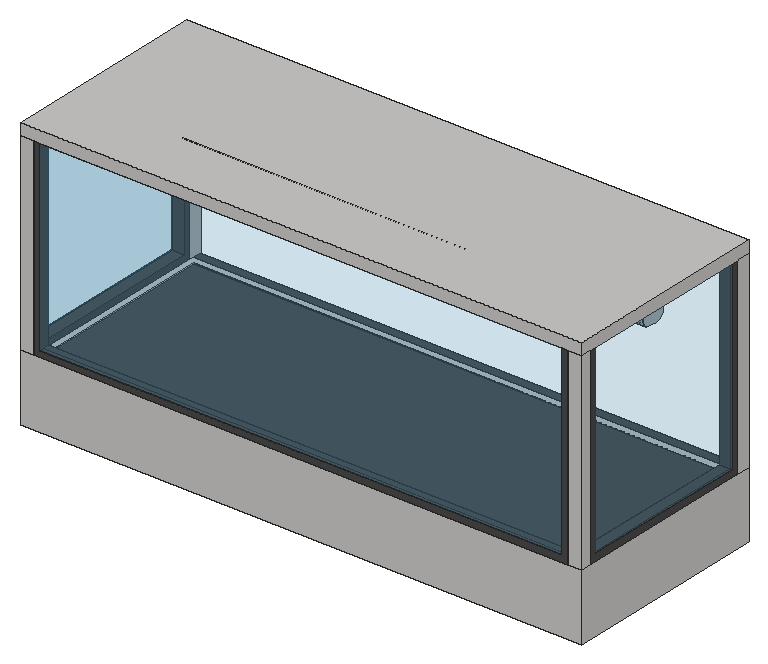
Revit family "QF_FESTIVE_DHD17", category Specialty Equipment, Revit 2020
Family settings
  Round Connector Dimension = Use Diameter
  Part Type = Normal
  Work Plane-Based = No
  Always vertical = Yes
  Cut with Voids When Loaded = No
  Shared = No
  Room Calculation Point = No
Parameters (values of type "DHD17")
  Weight in Pounds = 0
  Watts = if(Phase = 3, Volts * FL Amps * 1.73, Volts * FL Amps)  # 3322 W
  Volts = 220 V
  URL Cutsheet = ""
  Specification by User = ""
  Specification by Manufacturer = ""
  Serial Number = ""
  Seismic Rating = ""
  SMACNA No = ""
  Revision Code = ""
  Phase = 1
  Number of Poles = 1
  NAFEM Spec ID Number = ""
  Model = "DHD17"
  Min Ckt Ampacity = 0 A
  Max Overcurrent Protection = 0 A
  Masterspec = ""
  Manufacturer = "FESTIVE"
  Light Length [instance] = Length - 70 mm  # 1650 mm
  Length = 1720 mm
  Item Number = ""
  Installed By = ""
  Identify Quantity as Lot = yes
  Height = 830 mm
  HP = ""
  Furnished By = ""
  Foodservice Equipment Identifier = yes
  FL Amps = 15.1 A
  Electrical Remarks = ""
  Electric Connection Type = ""
  Elec Conn RI Height = 0 mm
  Elec Conn Connection Height = 0 mm
  Door Length [instance] = if(Length > 1069 mm, (Length / 2) - 80 mm, Length - 80 mm)  # 780 mm
  Description = "DEVON: HOT DECK"
  Depth = 640 mm
  Default Elevation = 0 mm
  Cycle = 50 Hz
  Conn Plug = ""
  Conn Conduit = yes
  Center Post Assembly [instance] = Length > 1069 mm  # yes
  CSI MasterFormat = ""
  Apparent Power = if(Phase = 3, Volts * FL Amps * 1.73, Volts * FL Amps)  # 3322 VA
Reference planes
  plane 1 "BACK": y = 0
  plane 2: z = 0
  plane 3 "LEFT": x = 0
  plane 4 "RIGHT": x = 1720
  plane 5 "FRONT": y = -640
  plane 6 "TOP": z = 830
  plane 7 "Center Y": x = 860
  plane 8 "Center X": y = -320
  plane 9: z = 205
Forms (mm)
  Extrusion 1, solid, material "QF_Metal - Stainless - Satin"
    sketch origin (0, 0, 0) x (0, 1, 0) y (0, 0, 1)
      loop
        line (0, 205) -> (-640, 205) -> (-640, 0) -> (0, 0) -> (0, 205)
    from 0 to 1720
  Extrusion 2, solid, material "QF_Metal - Stainless - Satin"
    sketch origin (0, 0, 0) x (0, 1, 0) y (0, 0, 1)
      loop
        line (0, 793) -> (0, 830) -> (-640, 830) -> (-640, 793) -> (0, 793)
    from 0 to 1720
  Extrusion 3, solid, material "QF_Metal - Stainless - Satin"
    sketch origin (0, 0, 0) x (0, 1, 0) y (0, 0, 1)
      loop
        line (0, 793) -> (-40.1, 793) -> (-40.1, 205) -> (0, 205) -> (0, 793)
    from 0 to 40.1
  Extrusion 4, solid, material "QF_Metal - Stainless - Satin"
    sketch origin (0, 0, 0) x (0, 1, 0) y (0, 0, 1)
      loop
        line (-608, 793) -> (-640, 793) -> (-640, 205) -> (-608, 205) -> (-608, 793)
    from 0 to 40.1
  Extrusion 5, solid, material "QF_Plastic - Black - Smooth"
    sketch origin (0, -640, 205) x (0, 0, -1) y (1, 0, 0)
      loop
        line (-588, 40.1) -> (0, 40.1) -> (0, 1679.9) -> (-588, 1679.9) -> (-588, 1659.9) -> (-20, 1659.9) -> (-20, 60.1) -> (-588, 60.1) -> (-588, 40.1)
    from 0 to -32
  Extrusion 6, solid, material "Glass"
    sketch origin (0, -640, 205) x (0, 0, -1) y (1, 0, 0)
      loop
        line (-588, 60.1) -> (-20, 60.1) -> (-20, 1659.9) -> (-588, 1659.9) -> (-588, 60.1)
    from 0 to -10
  Extrusion 7, solid, material "QF_Plastic - Black - Smooth"
    sketch origin (0, 0, 0) x (0, -1, 0) y (0, 0, 1)
      loop
        line (40.1, 793) -> (40.1, 205) -> (608, 205) -> (608, 793) -> (588, 793) -> (588, 225) -> (60.1, 225) -> (60.1, 793) -> (40.1, 793)
    from 0 to -40.1
  Extrusion 8, solid, material "QF_Plastic - Black - Smooth"
    sketch origin (1720, 0, 0) x (0, -1, 0) y (0, 0, 1)
      loop
        line (40.1, 793) -> (40.1, 205) -> (608, 205) -> (608, 793) -> (588, 793) -> (588, 225) -> (60.1, 225) -> (60.1, 793) -> (40.1, 793)
    from 0 to 39.9
  Extrusion 9, solid, material "Glass"
    sketch origin (1720, 0, 0) x (0, -1, 0) y (0, 0, 1)
      loop
        line (588, 793) -> (60.1, 793) -> (60.1, 225) -> (588, 225) -> (588, 793)
    from 0 to 5.1
  Extrusion 10, solid, material "Glass"
    sketch origin (0, 0, 0) x (0, 1, 0) y (0, 0, -1)
      loop
        line (-588, -793) -> (-60.1, -793) -> (-60.1, -225) -> (-588, -225) -> (-588, -793)
    from 0 to -5.1
  Extrusion 11, solid, material "QF_Metal - Stainless - Satin"
    sketch origin (0, -608, 205) x (1, 0, 0) y (0, -1, 0)
      loop
        line (40.1, -576) -> (1679.9, -576) -> (1679.9, 0) -> (40.1, 0) -> (40.1, -576)
      loop
        line (60.1, -556) -> (1659.9, -556) -> (1659.9, -20) -> (60.1, -20) -> (60.1, -556)
    from 0 to -2
  Extrusion 12, solid
    sketch origin (0, 0, 201.118) x (0, 0, 1) y (1, 0, 0)
      loop
        circle (-171.118, 56) r 10
    from 0 to 3.2
  Extrusion 13, solid, material "QF_Metal - Stainless - Satin"
    sketch origin (162.5, 0, 201.118) x (0, 0, 1) y (1, 0, 0)
      loop
        line (-78.018, 922.5) -> (-196.118, 922.5) -> (-196.118, 472.5) -> (-78.018, 472.5) -> (-78.018, 922.5)
      loop
        line (-135.768, 586.65) -> (-135.768, 660.65)
        arc (-135.768, 660.65) -> (-154.018, 664.14) -> (-172.268, 660.65) r 49.458
        line (-172.268, 660.65) -> (-172.268, 586.65)
        arc (-172.268, 586.65) -> (-154.018, 583.131) -> (-135.768, 586.65) r 49.084
    from 0 to 1.5
  Extrusion 14, solid
    sketch origin (141.25, 1.5, 201.118) x (0, 0, 1) y (1, 0, 0)
      loop
        line (-137.993, 589.375) -> (-169.993, 589.375) -> (-169.993, 575.375) -> (-137.993, 575.375) -> (-137.993, 589.375)
      loop
        line (-165.993, 586.375) -> (-165.993, 578.375) -> (-141.993, 578.375) -> (-141.993, 586.375) -> (-165.993, 586.375)
      loop
        line (-137.993, 558.95) -> (-169.993, 558.95) -> (-169.993, 544.95) -> (-137.993, 544.95) -> (-137.993, 558.95)
      loop
        line (-165.993, 555.95) -> (-165.993, 547.95) -> (-141.993, 547.95) -> (-141.993, 555.95) -> (-165.993, 555.95)
    from 0 to 1.5
  Extrusion 15, solid, material "QF_Plastic - Red - Smooth"
    sketch origin (719.625, 1.5, 59.125) x (0, 0, -1) y (0, 1, 0)
      loop
        line (0, 1.5) -> (24, 1.5) -> (24, 6.5)
        arc (24, 6.5) -> (12.085, 4.325) -> (0, 3.53) r 105.571
        line (0, 3.53) -> (0, 1.5)
    from 0 to 8
  Extrusion 16, solid, material "QF_Plastic - Black - Smooth"
    sketch origin (460.9, 1.5, 155.795) x (0, 0, 1) y (1, 0, 0)
      loop
        arc (-90.445, 362.25) -> (-108.695, 365.858) -> (-126.945, 362.25) r 47.955
        line (-126.945, 362.25) -> (-126.945, 288.25)
        arc (-126.945, 288.25) -> (-108.695, 284.642) -> (-90.445, 288.25) r 47.955
        line (-90.445, 288.25) -> (-90.445, 362.25)
    from 0 to 1.5
  Extrusion 17, solid, material "QF_Plastic - Red - Smooth"
    sketch origin (689.2, 1.5, 59.125) x (0, 0, -1) y (0, 1, 0)
      loop
        line (0, 1.5) -> (24, 1.5) -> (24, 6.5)
        arc (24, 6.5) -> (12.085, 4.325) -> (0, 3.53) r 105.571
        line (0, 3.53) -> (0, 1.5)
    from 0 to 8
  Extrusion 18, solid, material "QF_Metal - Stainless - Satin", not visible
    sketch origin (-325, 0, 201.118) x (0, 0, 1) y (1, 0, 0)
      loop
        line (-78.018, 922.5) -> (-196.118, 922.5) -> (-196.118, 472.5) -> (-78.018, 472.5) -> (-78.018, 922.5)
      loop
        line (-135.768, 586.65) -> (-135.768, 660.65)
        arc (-135.768, 660.65) -> (-154.018, 664.14) -> (-172.268, 660.65) r 49.458
        line (-172.268, 660.65) -> (-172.268, 586.65)
        arc (-172.268, 586.65) -> (-154.018, 583.131) -> (-135.768, 586.65) r 49.084
    from 0 to 1.5
  Extrusion 19, solid, not visible
    sketch origin (-346.25, 1.5, 201.118) x (0, 0, 1) y (1, 0, 0)
      loop
        line (-137.993, 589.375) -> (-169.993, 589.375) -> (-169.993, 575.375) -> (-137.993, 575.375) -> (-137.993, 589.375)
      loop
        line (-165.993, 586.375) -> (-165.993, 578.375) -> (-141.993, 578.375) -> (-141.993, 586.375) -> (-165.993, 586.375)
      loop
        line (-137.993, 558.95) -> (-169.993, 558.95) -> (-169.993, 544.95) -> (-137.993, 544.95) -> (-137.993, 558.95)
      loop
        line (-165.993, 555.95) -> (-165.993, 547.95) -> (-141.993, 547.95) -> (-141.993, 555.95) -> (-165.993, 555.95)
    from 0 to 1.5
  Extrusion 20, solid, material "QF_Plastic - Red - Smooth", not visible
    sketch origin (232.125, 1.5, 59.125) x (0, 0, -1) y (0, 1, 0)
      loop
        line (0, 1.5) -> (24, 1.5) -> (24, 6.5)
        arc (24, 6.5) -> (12.085, 4.325) -> (0, 3.53) r 105.571
        line (0, 3.53) -> (0, 1.5)
    from 0 to 8
  Extrusion 21, solid, material "QF_Plastic - Black - Smooth", not visible
    sketch origin (-26.6, 1.5, 155.795) x (0, 0, 1) y (1, 0, 0)
      loop
        arc (-90.445, 362.25) -> (-108.695, 365.858) -> (-126.945, 362.25) r 47.955
        line (-126.945, 362.25) -> (-126.945, 288.25)
        arc (-126.945, 288.25) -> (-108.695, 284.642) -> (-90.445, 288.25) r 47.955
        line (-90.445, 288.25) -> (-90.445, 362.25)
    from 0 to 1.5
  Extrusion 22, solid, material "QF_Plastic - Red - Smooth", not visible
    sketch origin (201.7, 1.5, 59.125) x (0, 0, -1) y (0, 1, 0)
      loop
        line (0, 1.5) -> (24, 1.5) -> (24, 6.5)
        arc (24, 6.5) -> (12.085, 4.325) -> (0, 3.53) r 105.571
        line (0, 3.53) -> (0, 1.5)
    from 0 to 8
  Extrusion 23, solid, material "QF_Metal - Stainless - Satin"
    sketch origin (1720, 0, 0) x (0, -1, 0) y (0, 0, 1)
      loop
        line (0, 793) -> (0, 205) -> (40.1, 205) -> (40.1, 793) -> (0, 793)
    from 0 to 39.9
  Extrusion 24, solid, material "QF_Metal - Stainless - Satin"
    sketch origin (1720, 0, 0) x (0, -1, 0) y (0, 0, 1)
      loop
        line (608, 793) -> (608, 205) -> (640, 205) -> (640, 793) -> (608, 793)
    from 0 to 39.9
Lines and regions (mm)
  Split face 1
    outline origin (460.9, 3, 155.795) x (0, 0, 1) y (1, 0, 0)
      loop
        arc (-93.945, 353.493) -> (-108.685, 356.848) -> (-123.425, 353.493) r 34.06
        line (-123.425, 353.493) -> (-123.425, 314) -> (-93.945, 314) -> (-93.945, 353.493)
  Split face 2, not visible
    outline origin (-26.6, 3, 155.795) x (0, 0, 1) y (1, 0, 0)
      loop
        arc (-93.945, 353.493) -> (-108.685, 356.848) -> (-123.425, 353.493) r 34.06
        line (-123.425, 353.493) -> (-123.425, 314) -> (-93.945, 314) -> (-93.945, 353.493)
  symbolic lines
    curve 1: line (0, 0, 0) -> (1720, 0, 0)
    curve 2: line (0, -640, 0) -> (0, 0, 0)
    curve 3: line (1720, -640, 0) -> (0, -640, 0)
    curve 4: line (1720, 0, 0) -> (1720, -640, 0)
Dimensions and locks
  equal spacing: plane 3 "LEFT", plane 7 "Center Y", plane 4 "RIGHT"
  "Length": plane 3 "LEFT" to plane 4 "RIGHT"
  equal spacing: plane 5 "FRONT", plane 8 "Center X", plane 1 "BACK"
  "Depth": plane 5 "FRONT" to plane 1 "BACK"
  "Height": plane 6 "TOP" to level
  plane 9 to plane 2 = 205 mm  (x2)
  plane 6 "TOP" to plane 9 = 625 mm  (x2)
  plane 1 "BACK" to plane 5 "FRONT" = 640 mm
  locked: Extrusion 13 to plane 7 "Center Y" at 225
  Extrusion 5 sketch curve to Extrusion 5 sketch curve to plane 4 "RIGHT" = 20 mm locked, 40.1 mm locked
  Extrusion 11 sketch curve to Extrusion 11 sketch curve to plane 4 "RIGHT" = 20 mm locked, 40.1 mm locked
  plane 3 "LEFT" to plane 4 "RIGHT" = 1720 mm
  locked: nested 1 to plane 3 "LEFT" at 35
  aligned and locked: level to plane 2
  aligned and locked: Extrusion 2 to plane 4 "RIGHT"
  aligned and locked: Extrusion 1 to plane 4 "RIGHT"
Automatic sketch dimensions
  Extrusion 13 sketch curve to Extrusion 13 sketch curve = 18.25 mm  (x2)
  Extrusion 13 sketch curve to Extrusion 13 sketch curve = 0 mm
  Extrusion 13 sketch curve to Extrusion 13 sketch curve = 28.032 mm
  Extrusion 13 sketch curve to Extrusion 13 sketch curve = 17.533 mm
  Extrusion 13 sketch curve to Extrusion 13 sketch curve = 28.435 mm
  Extrusion 13 to Extrusion 14 sketch curve = 2.275 mm  (x2)
  Extrusion 14 sketch curve to Extrusion 14 sketch curve = 4 mm  (x2)
  Extrusion 13 to Extrusion 14 sketch curve = 6.225 mm  (x2)
  Extrusion 13 to Extrusion 14 sketch curve = 2.225 mm  (x2)
  Extrusion 14 sketch curve to Extrusion 13 = 51.2 mm
  Extrusion 14 sketch curve to Extrusion 14 sketch curve = 3 mm  (x4)
  Extrusion 14 sketch curve to Extrusion 14 sketch curve = 8 mm  (x2)
  Extrusion 14 sketch curve to Extrusion 14 sketch curve = 16.425 mm
  Extrusion 14 to Extrusion 15 sketch curve = 0 mm  (x2)
  Extrusion 15 sketch curve to Extrusion 14 = 0 mm
  Extrusion 15 sketch curve to Extrusion 14 = 0.881 mm
  Extrusion 15 sketch curve to Extrusion 14 = 2.03 mm
  Extrusion 15 sketch curve to Extrusion 14 = 5 mm
  Extrusion 16 sketch curve to Extrusion 16 sketch curve = 18.25 mm  (x2)
  Extrusion 16 sketch curve to Extrusion 16 sketch curve = 0 mm
  Extrusion 16 sketch curve to Extrusion 16 sketch curve = 29.654 mm  (x2)
  Extrusion 16 sketch curve to Extrusion 16 sketch curve = 14.693 mm
  Split face 1 sketch curve to Extrusion 16 = 3.52 mm
  Split face 1 sketch curve to Split face 1 sketch curve = 14.74 mm
  Split face 1 sketch curve to Extrusion 16 = 3.5 mm
  Split face 1 sketch curve to Split face 1 sketch curve = 8.787 mm
  Split face 1 sketch curve to Split face 1 sketch curve = 30.706 mm
  Extrusion 17 sketch curve to Extrusion 17 sketch curve = 24 mm
  Extrusion 17 sketch curve to Extrusion 17 sketch curve = 2.03 mm
  Extrusion 17 sketch curve to Extrusion 17 sketch curve = 5 mm
  Extrusion 13 sketch curve to Extrusion 13 sketch curve = 23.85 mm
  Extrusion 13 sketch curve to Extrusion 13 sketch curve = 118.1 mm
  Extrusion 13 sketch curve to Extrusion 13 sketch curve = 114.15 mm
  Extrusion 13 sketch curve to Extrusion 13 sketch curve = 261.85 mm
  Extrusion 17 sketch curve to Extrusion 17 sketch curve = 0.881 mm
  Extrusion 18 sketch curve to Extrusion 18 sketch curve = 18.25 mm  (x2)
  Extrusion 18 sketch curve to Extrusion 18 sketch curve = 0 mm
  Extrusion 18 sketch curve to Extrusion 18 sketch curve = 28.032 mm
  Extrusion 18 sketch curve to Extrusion 18 sketch curve = 17.533 mm
  Extrusion 18 sketch curve to Extrusion 18 sketch curve = 28.435 mm
  Extrusion 18 to Extrusion 19 sketch curve = 2.275 mm  (x2)
  Extrusion 19 sketch curve to Extrusion 19 sketch curve = 4 mm  (x2)
  Extrusion 18 to Extrusion 19 sketch curve = 6.225 mm  (x2)
  Extrusion 18 to Extrusion 19 sketch curve = 2.225 mm  (x2)
  Extrusion 19 sketch curve to Extrusion 18 = 51.2 mm
  Extrusion 19 sketch curve to Extrusion 19 sketch curve = 3 mm  (x4)
  Extrusion 19 sketch curve to Extrusion 19 sketch curve = 8 mm  (x2)
  Extrusion 19 sketch curve to Extrusion 19 sketch curve = 16.425 mm
  Extrusion 19 to Extrusion 20 sketch curve = 0 mm  (x2)
  Extrusion 20 sketch curve to Extrusion 19 = 0 mm
  Extrusion 20 sketch curve to Extrusion 19 = 0.881 mm
  Extrusion 20 sketch curve to Extrusion 19 = 2.03 mm
  Extrusion 20 sketch curve to Extrusion 19 = 5 mm
  Extrusion 21 sketch curve to Extrusion 21 sketch curve = 18.25 mm  (x2)
  Extrusion 21 sketch curve to Extrusion 21 sketch curve = 0 mm
  Extrusion 21 sketch curve to Extrusion 21 sketch curve = 29.654 mm  (x2)
  Extrusion 21 sketch curve to Extrusion 21 sketch curve = 14.693 mm
  Split face 2 sketch curve to Extrusion 21 = 3.52 mm
  Split face 2 sketch curve to Split face 2 sketch curve = 14.74 mm
  Split face 2 sketch curve to Extrusion 21 = 3.5 mm
  Split face 2 sketch curve to Split face 2 sketch curve = 8.787 mm
  Split face 2 sketch curve to Split face 2 sketch curve = 30.706 mm
  Extrusion 22 sketch curve to Extrusion 22 sketch curve = 24 mm
  Extrusion 22 sketch curve to Extrusion 22 sketch curve = 2.03 mm
  Extrusion 22 sketch curve to Extrusion 22 sketch curve = 5 mm
  Extrusion 18 sketch curve to Extrusion 18 sketch curve = 23.85 mm
  Extrusion 18 sketch curve to Extrusion 18 sketch curve = 118.1 mm
  Extrusion 18 sketch curve to Extrusion 18 sketch curve = 114.15 mm
  Extrusion 18 sketch curve to Extrusion 18 sketch curve = 261.85 mm
  Extrusion 22 sketch curve to Extrusion 22 sketch curve = 0.881 mm
  curve 3 to plane 3 "LEFT" = 0 mm
  curve 3 to plane 4 "RIGHT" = 0 mm
  plane 5 "FRONT" to curve 3 = 0 mm
  plane 1 "BACK" to curve 2 = 0 mm
  Extrusion 1 sketch curve to plane 5 "FRONT" = 0 mm
  Extrusion 1 sketch curve to level = 0 mm
  Extrusion 1 sketch curve to plane 1 "BACK" = 0 mm
  Extrusion 1 sketch curve to plane 9 = 0 mm
  Extrusion 2 sketch curve to plane 5 "FRONT" = 0 mm
  Extrusion 2 sketch curve to plane 1 "BACK" = 0 mm
  Extrusion 2 sketch curve to plane 6 "TOP" = 0 mm
  Extrusion 2 sketch curve to plane 6 "TOP" = 37 mm
  Extrusion 3 sketch curve to plane 9 = 0 mm
  Extrusion 3 sketch curve to plane 1 "BACK" = 0 mm
  Extrusion 3 sketch curve to Extrusion 3 sketch curve = 40.1 mm
  Extrusion 3 sketch curve to plane 6 "TOP" = 37 mm
  Extrusion 4 sketch curve to plane 5 "FRONT" = 0 mm
  Extrusion 4 sketch curve to plane 9 = 0 mm
  Extrusion 4 sketch curve to plane 5 "FRONT" = 32 mm
  Extrusion 4 sketch curve to plane 6 "TOP" = 37 mm
  Extrusion 5 sketch curve to Extrusion 1 = 0 mm
  Extrusion 1 to Extrusion 5 sketch curve = 20 mm
  Extrusion 1 to Extrusion 5 sketch curve = 40.1 mm
  Extrusion 5 sketch curve to Extrusion 5 sketch curve = 568 mm  (x2)
  Extrusion 5 sketch curve to Extrusion 5 sketch curve = 20 mm
  Extrusion 1 to Extrusion 6 sketch curve = 60.1 mm  (x2)
  Extrusion 1 to Extrusion 6 sketch curve = 588 mm
  Extrusion 1 to Extrusion 6 sketch curve = 20 mm
  Extrusion 3 to Extrusion 7 sketch curve = 0 mm  (x3)
  Extrusion 7 sketch curve to Extrusion 3 = 0 mm
  Extrusion 3 to Extrusion 7 sketch curve = 20 mm
  Extrusion 7 sketch curve to Extrusion 3 = 20 mm
  Extrusion 7 sketch curve to Extrusion 7 sketch curve = 527.9 mm
  Extrusion 7 sketch curve to Extrusion 7 sketch curve = 20 mm
  Extrusion 8 sketch curve to plane 9 = 0 mm
  plane 1 "BACK" to Extrusion 8 sketch curve = 40.1 mm
  Extrusion 8 sketch curve to Extrusion 8 sketch curve = 20 mm  (x2)
  plane 9 to Extrusion 8 sketch curve = 20 mm
  Extrusion 8 sketch curve to plane 5 "FRONT" = 52 mm
  Extrusion 8 sketch curve to plane 6 "TOP" = 37 mm  (x2)
  plane 1 "BACK" to Extrusion 9 sketch curve = 60.1 mm
  plane 9 to Extrusion 9 sketch curve = 20 mm
  Extrusion 9 sketch curve to plane 5 "FRONT" = 52 mm
  Extrusion 9 sketch curve to plane 6 "TOP" = 37 mm
  plane 9 to Extrusion 10 sketch curve = 20 mm
  Extrusion 10 sketch curve to plane 5 "FRONT" = 52 mm
  plane 1 "BACK" to Extrusion 10 sketch curve = 60.1 mm
  Extrusion 10 sketch curve to plane 6 "TOP" = 37 mm
  Extrusion 11 sketch curve to Extrusion 7 = 0 mm  (x2)
  Extrusion 7 to Extrusion 11 sketch curve = 20 mm  (x2)
  Extrusion 11 sketch curve to Extrusion 7 = 11.9 mm
  Extrusion 7 to Extrusion 11 sketch curve = 8.1 mm
  level to Extrusion 12 sketch curve = 30 mm
  plane 3 "LEFT" to Extrusion 12 sketch curve = 56 mm
  Extrusion 23 sketch curve to plane 1 "BACK" = 0 mm
  Extrusion 23 sketch curve to plane 9 = 0 mm
  Extrusion 23 sketch curve to Extrusion 23 sketch curve = 40.1 mm
  Extrusion 23 sketch curve to plane 6 "TOP" = 37 mm
  Extrusion 24 sketch curve to plane 9 = 0 mm
  Extrusion 24 sketch curve to plane 5 "FRONT" = 0 mm
  Extrusion 24 sketch curve to plane 5 "FRONT" = 32 mm
  Extrusion 24 sketch curve to plane 6 "TOP" = 37 mm
  radius of Extrusion 12 sketch curve = 10 mm
Nested families
  nested 1: "LIGHTS" at (35, -282.344, 0), type "LIGHTS"
    with Length 1650 mm
Connectors
  electrical at (56, 3.2, 30), driven by "Volts", driven by "Watts"
    settings: on Extrusion 12, index 1, voltage 220 V, apparent load 3322 VA, apparent load phase1 0 VA, apparent load phase2 0 VA, apparent load phase3 0 VA, power factor 1, load classification "Other", number of poles 1, system type 30, power factor state 1, is connector primary yes, connector utility no, sub classification motor no, connector description "ELECTRICAL CONNECTION"
Definition of nested family "LIGHTS"
  Parameters (values of type "LIGHTS")
    Weight in Pounds = 0
    Watts = if(Phase = 3, Volts * FL Amps * 1.73, Volts * FL Amps)  # 1078 W
    Volts = 220 V
    URL Cutsheet = ""
    Specification by User = ""
    Specification by Manufacturer = ""
    Serial Number = ""
    Seismic Rating = ""
    SMACNA No = ""
    Revision Code = ""
    Phase = 1
    Number of Poles = 1
    NAFEM Spec ID Number = ""
    Model = "DHD7"
    Min Ckt Ampacity = 0 A
    Max Overcurrent Protection = 0 A
    Masterspec = ""
    Manufacturer = "FESTIVE"
    Length = 675 mm
    Item Number = ""
    Installed By = ""
    Identify Quantity as Lot = yes
    Height = 830 mm
    HP = ""
    Furnished By = ""
    Foodservice Equipment Identifier = yes
    FL Amps = 4.9 A  # constant formula
    Electrical Remarks = ""
    Electric Connection Type = ""
    Elec Conn RI Height = 0 mm
    Elec Conn Connection Height = 0 mm
    Description = "DEVON: HOT DECK"
    Depth = 75.193 mm
    Default Elevation = 0 mm
    Cycle = 50 Hz
    Conn Plug = ""
    Conn Conduit = yes
    CSI MasterFormat = ""
    Apparent Power = if(Phase = 3, Volts * FL Amps * 1.73, Volts * FL Amps)  # 1078 VA
  Reference planes
    plane 1 "BACK": y = 0
    plane 2: z = 0
    plane 3 "LEFT": x = 0
    plane 4 "RIGHT": x = 675
    plane 5 "FRONT": y = -75.193
    plane 6 "TOP": z = 830
    plane 7 "Center Y": x = 337.5
    plane 8 "Center X": y = -37.596
    plane 9: z = 205
    plane 10: x = 464.5
    plane 11: x = 210.5
  Forms (mm)
    Extrusion 1, solid
      sketch origin (-60.1, 282.404, 0) x (0, 1, 0) y (0, 0, 1)
        loop
          arc (-295, 792.076) -> (-295.856, 794.144) -> (-297.924, 795) r 2.924
          line (-297.924, 795) -> (-342.076, 795)
          arc (-342.076, 795) -> (-344.144, 794.144) -> (-345, 792.076) r 2.924
          line (-345, 792.076) -> (-345, 776.085)
          arc (-345, 776.085) -> (-357.596, 753.232) -> (-345, 730.378) r 27.029
          arc (-345, 730.378) -> (-320, 727.581) -> (-295, 730.378) r 113.108
          arc (-295, 730.378) -> (-282.404, 753.232) -> (-295, 776.085) r 27.029
          line (-295, 776.085) -> (-295, 792.076)
        loop
          arc (-298.5, 786) -> (-298.793, 786.707) -> (-299.5, 787) r 1
          line (-299.5, 787) -> (-301.5, 787)
          arc (-301.5, 787) -> (-302.207, 786.707) -> (-302.5, 786) r 1
          line (-302.5, 786) -> (-302.5, 774)
          arc (-302.5, 774) -> (-302.207, 773.293) -> (-301.5, 773) r 1
          line (-301.5, 773) -> (-299.5, 773)
          arc (-299.5, 773) -> (-298.793, 773.293) -> (-298.5, 774) r 1
          line (-298.5, 774) -> (-298.5, 786)
        loop
          arc (-305, 786) -> (-305.293, 786.707) -> (-306, 787) r 1
          line (-306, 787) -> (-308, 787)
          arc (-308, 787) -> (-308.707, 786.707) -> (-309, 786) r 1
          line (-309, 786) -> (-309, 774)
          arc (-309, 774) -> (-308.707, 773.293) -> (-308, 773) r 1
          line (-308, 773) -> (-306, 773)
          arc (-306, 773) -> (-305.293, 773.293) -> (-305, 774) r 1
          line (-305, 774) -> (-305, 786)
        loop
          arc (-311.5, 786) -> (-311.793, 786.707) -> (-312.5, 787) r 1
          line (-312.5, 787) -> (-314.5, 787)
          arc (-314.5, 787) -> (-315.207, 786.707) -> (-315.5, 786) r 1
          line (-315.5, 786) -> (-315.5, 774)
          arc (-315.5, 774) -> (-315.207, 773.293) -> (-314.5, 773) r 1
          line (-314.5, 773) -> (-312.5, 773)
          arc (-312.5, 773) -> (-311.793, 773.293) -> (-311.5, 774) r 1
          line (-311.5, 774) -> (-311.5, 786)
        loop
          arc (-318, 786) -> (-318.293, 786.707) -> (-319, 787) r 1
          line (-319, 787) -> (-321, 787)
          arc (-321, 787) -> (-321.707, 786.707) -> (-322, 786) r 1
          line (-322, 786) -> (-322, 774)
          arc (-322, 774) -> (-321.707, 773.293) -> (-321, 773) r 1
          line (-321, 773) -> (-319, 773)
          arc (-319, 773) -> (-318.293, 773.293) -> (-318, 774) r 1
          line (-318, 774) -> (-318, 786)
        loop
          arc (-324.5, 786) -> (-324.793, 786.707) -> (-325.5, 787) r 1
          line (-325.5, 787) -> (-327.5, 787)
          arc (-327.5, 787) -> (-328.207, 786.707) -> (-328.5, 786) r 1
          line (-328.5, 786) -> (-328.5, 774)
          arc (-328.5, 774) -> (-328.207, 773.293) -> (-327.5, 773) r 1
          line (-327.5, 773) -> (-325.5, 773)
          arc (-325.5, 773) -> (-324.793, 773.293) -> (-324.5, 774) r 1
          line (-324.5, 774) -> (-324.5, 786)
        loop
          arc (-331, 786) -> (-331.293, 786.707) -> (-332, 787) r 1
          line (-332, 787) -> (-334, 787)
          arc (-334, 787) -> (-334.707, 786.707) -> (-335, 786) r 1
          line (-335, 786) -> (-335, 774)
          arc (-335, 774) -> (-334.707, 773.293) -> (-334, 773) r 1
          line (-334, 773) -> (-332, 773)
          arc (-332, 773) -> (-331.293, 773.293) -> (-331, 774) r 1
          line (-331, 774) -> (-331, 786)
        loop
          arc (-337.5, 786) -> (-337.793, 786.707) -> (-338.5, 787) r 1
          line (-338.5, 787) -> (-340.5, 787)
          arc (-340.5, 787) -> (-341.207, 786.707) -> (-341.5, 786) r 1
          line (-341.5, 786) -> (-341.5, 774)
          arc (-341.5, 774) -> (-341.207, 773.293) -> (-340.5, 773) r 1
          line (-340.5, 773) -> (-338.5, 773)
          arc (-338.5, 773) -> (-337.793, 773.293) -> (-337.5, 774) r 1
          line (-337.5, 774) -> (-337.5, 786)
      from 60.1 to 62
    Extrusion 2, solid
      sketch origin (1.9, 282.404, 0) x (0, 1, 0) y (0, 0, 1)
        loop
          arc (-295, 792.076) -> (-295.856, 794.144) -> (-297.924, 795) r 2.924
          line (-297.924, 795) -> (-342.076, 795)
          arc (-342.076, 795) -> (-344.144, 794.144) -> (-345, 792.076) r 2.924
          line (-345, 792.076) -> (-345, 776.085)
          arc (-345, 776.085) -> (-357.596, 753.232) -> (-345, 730.378) r 27.029
          line (-345, 730.378) -> (-344.466, 731.224)
          arc (-344.466, 731.224) -> (-356.596, 753.232) -> (-344.466, 775.239) r 26.029
          line (-344.466, 775.239) -> (-295.534, 775.239)
          arc (-295.534, 775.239) -> (-283.404, 753.232) -> (-295.534, 731.224) r 26.029
          line (-295.534, 731.224) -> (-295, 730.378)
          arc (-295, 730.378) -> (-282.404, 753.232) -> (-295, 776.085) r 27.029
          line (-295, 776.085) -> (-295, 792.076)
      from 0 to 671.1
    Extrusion 3, solid
      sketch origin (1.9, 282.404, 0) x (0, 1, 0) y (0, 0, 1)
        loop
          line (-295.534, 775.239) -> (-344.466, 775.239)
          arc (-344.466, 775.239) -> (-356.596, 753.232) -> (-344.466, 731.224) r 26.029
          line (-344.466, 731.224) -> (-295.534, 731.224)
          arc (-295.534, 731.224) -> (-283.404, 753.232) -> (-295.534, 775.239) r 26.029
      from 0 to 208.6
    Extrusion 4, solid
      sketch origin (286.9, 282.404, 0) x (0, 1, 0) y (0, 0, 1)
        loop
          line (-295.534, 775.239) -> (-344.466, 775.239)
          arc (-344.466, 775.239) -> (-356.596, 753.232) -> (-344.466, 731.224) r 26.029
          line (-344.466, 731.224) -> (-295.534, 731.224)
          arc (-295.534, 731.224) -> (-283.404, 753.232) -> (-295.534, 775.239) r 26.029
      from 177.6 to 386.1
    Extrusion 5, solid
      sketch origin (431.4, 282.404, 0) x (0, 1, 0) y (0, 0, 1)
        loop
          circle (-320.06, 740.619) r 8.038
      from -220.9 to 33.1
    Extrusion 6, solid, not visible
      sketch origin (-325, 0, 201.118) x (0, 0, 1) y (1, 0, 0)
        loop
          line (-78.018, 922.5) -> (-196.118, 922.5) -> (-196.118, 472.5) -> (-78.018, 472.5) -> (-78.018, 922.5)
        loop
          line (-135.768, 586.65) -> (-135.768, 660.65)
          arc (-135.768, 660.65) -> (-154.018, 664.14) -> (-172.268, 660.65) r 49.458
          line (-172.268, 660.65) -> (-172.268, 586.65)
          arc (-172.268, 586.65) -> (-154.018, 583.131) -> (-135.768, 586.65) r 49.084
      from 0 to 1.5
    Extrusion 7, solid, not visible
      sketch origin (-346.25, 1.5, 201.118) x (0, 0, 1) y (1, 0, 0)
        loop
          line (-137.993, 589.375) -> (-169.993, 589.375) -> (-169.993, 575.375) -> (-137.993, 575.375) -> (-137.993, 589.375)
        loop
          line (-165.993, 586.375) -> (-165.993, 578.375) -> (-141.993, 578.375) -> (-141.993, 586.375) -> (-165.993, 586.375)
        loop
          line (-137.993, 558.95) -> (-169.993, 558.95) -> (-169.993, 544.95) -> (-137.993, 544.95) -> (-137.993, 558.95)
        loop
          line (-165.993, 555.95) -> (-165.993, 547.95) -> (-141.993, 547.95) -> (-141.993, 555.95) -> (-165.993, 555.95)
      from 0 to 1.5
    Extrusion 8, solid, not visible
      sketch origin (232.125, 1.5, 59.125) x (0, 0, -1) y (0, 1, 0)
        loop
          line (0, 1.5) -> (24, 1.5) -> (24, 6.5)
          arc (24, 6.5) -> (12.085, 4.325) -> (0, 3.53) r 105.571
          line (0, 3.53) -> (0, 1.5)
      from 0 to 8
    Extrusion 9, solid, not visible
      sketch origin (-26.6, 1.5, 155.795) x (0, 0, 1) y (1, 0, 0)
        loop
          arc (-90.445, 362.25) -> (-108.695, 365.858) -> (-126.945, 362.25) r 47.955
          line (-126.945, 362.25) -> (-126.945, 288.25)
          arc (-126.945, 288.25) -> (-108.695, 284.642) -> (-90.445, 288.25) r 47.955
          line (-90.445, 288.25) -> (-90.445, 362.25)
      from 0 to 1.5
    Extrusion 10, solid, not visible
      sketch origin (201.7, 1.5, 59.125) x (0, 0, -1) y (0, 1, 0)
        loop
          line (0, 1.5) -> (24, 1.5) -> (24, 6.5)
          arc (24, 6.5) -> (12.085, 4.325) -> (0, 3.53) r 105.571
          line (0, 3.53) -> (0, 1.5)
      from 0 to 8
    Extrusion 11, solid, not visible
      sketch origin (1070, 0, 0) x (0, 1, 0) y (0, 0, -1)
        loop
          line (-295, -792.076) -> (-295, -776.085)
          arc (-295, -776.085) -> (-282.404, -753.232) -> (-295, -730.378) r 27.029
          arc (-295, -730.378) -> (-320, -727.581) -> (-345, -730.378) r 113.108
          arc (-345, -730.378) -> (-357.596, -753.232) -> (-345, -776.085) r 27.029
          line (-345, -776.085) -> (-345, -792.076)
          arc (-345, -792.076) -> (-344.144, -794.144) -> (-342.076, -795) r 2.924
          line (-342.076, -795) -> (-297.924, -795)
          arc (-297.924, -795) -> (-295.856, -794.144) -> (-295, -792.076) r 2.924
        loop
          line (-298.5, -786) -> (-298.5, -774)
          arc (-298.5, -774) -> (-298.793, -773.293) -> (-299.5, -773) r 1
          line (-299.5, -773) -> (-301.5, -773)
          arc (-301.5, -773) -> (-302.207, -773.293) -> (-302.5, -774) r 1
          line (-302.5, -774) -> (-302.5, -786)
          arc (-302.5, -786) -> (-302.207, -786.707) -> (-301.5, -787) r 1
          line (-301.5, -787) -> (-299.5, -787)
          arc (-299.5, -787) -> (-298.793, -786.707) -> (-298.5, -786) r 1
        loop
          line (-305, -786) -> (-305, -774)
          arc (-305, -774) -> (-305.293, -773.293) -> (-306, -773) r 1
          line (-306, -773) -> (-308, -773)
          arc (-308, -773) -> (-308.707, -773.293) -> (-309, -774) r 1
          line (-309, -774) -> (-309, -786)
          arc (-309, -786) -> (-308.707, -786.707) -> (-308, -787) r 1
          line (-308, -787) -> (-306, -787)
          arc (-306, -787) -> (-305.293, -786.707) -> (-305, -786) r 1
        loop
          line (-311.5, -786) -> (-311.5, -774)
          arc (-311.5, -774) -> (-311.793, -773.293) -> (-312.5, -773) r 1
          line (-312.5, -773) -> (-314.5, -773)
          arc (-314.5, -773) -> (-315.207, -773.293) -> (-315.5, -774) r 1
          line (-315.5, -774) -> (-315.5, -786)
          arc (-315.5, -786) -> (-315.207, -786.707) -> (-314.5, -787) r 1
          line (-314.5, -787) -> (-312.5, -787)
          arc (-312.5, -787) -> (-311.793, -786.707) -> (-311.5, -786) r 1
        loop
          line (-318, -786) -> (-318, -774)
          arc (-318, -774) -> (-318.293, -773.293) -> (-319, -773) r 1
          line (-319, -773) -> (-321, -773)
          arc (-321, -773) -> (-321.707, -773.293) -> (-322, -774) r 1
          line (-322, -774) -> (-322, -786)
          arc (-322, -786) -> (-321.707, -786.707) -> (-321, -787) r 1
          line (-321, -787) -> (-319, -787)
          arc (-319, -787) -> (-318.293, -786.707) -> (-318, -786) r 1
        loop
          line (-324.5, -786) -> (-324.5, -774)
          arc (-324.5, -774) -> (-324.793, -773.293) -> (-325.5, -773) r 1
          line (-325.5, -773) -> (-327.5, -773)
          arc (-327.5, -773) -> (-328.207, -773.293) -> (-328.5, -774) r 1
          line (-328.5, -774) -> (-328.5, -786)
          arc (-328.5, -786) -> (-328.207, -786.707) -> (-327.5, -787) r 1
          line (-327.5, -787) -> (-325.5, -787)
          arc (-325.5, -787) -> (-324.793, -786.707) -> (-324.5, -786) r 1
        loop
          line (-331, -786) -> (-331, -774)
          arc (-331, -774) -> (-331.293, -773.293) -> (-332, -773) r 1
          line (-332, -773) -> (-334, -773)
          arc (-334, -773) -> (-334.707, -773.293) -> (-335, -774) r 1
          line (-335, -774) -> (-335, -786)
          arc (-335, -786) -> (-334.707, -786.707) -> (-334, -787) r 1
          line (-334, -787) -> (-332, -787)
          arc (-332, -787) -> (-331.293, -786.707) -> (-331, -786) r 1
        loop
          line (-337.5, -786) -> (-337.5, -774)
          arc (-337.5, -774) -> (-337.793, -773.293) -> (-338.5, -773) r 1
          line (-338.5, -773) -> (-340.5, -773)
          arc (-340.5, -773) -> (-341.207, -773.293) -> (-341.5, -774) r 1
          line (-341.5, -774) -> (-341.5, -786)
          arc (-341.5, -786) -> (-341.207, -786.707) -> (-340.5, -787) r 1
          line (-340.5, -787) -> (-338.5, -787)
          arc (-338.5, -787) -> (-337.793, -786.707) -> (-337.5, -786) r 1
      from 360 to 362
    Extrusion 12, solid, not visible
      sketch origin (-25.1, 0, 0) x (0, 1, 0) y (0, 0, 1)
        loop
          arc (-295, 792.076) -> (-295.856, 794.144) -> (-297.924, 795) r 2.924
          line (-297.924, 795) -> (-342.076, 795)
          arc (-342.076, 795) -> (-344.144, 794.144) -> (-345, 792.076) r 2.924
          line (-345, 792.076) -> (-345, 776.085)
          arc (-345, 776.085) -> (-357.596, 753.232) -> (-345, 730.378) r 27.029
          arc (-345, 730.378) -> (-320, 727.581) -> (-295, 730.378) r 113.108
          arc (-295, 730.378) -> (-282.404, 753.232) -> (-295, 776.085) r 27.029
          line (-295, 776.085) -> (-295, 792.076)
        loop
          arc (-298.5, 786) -> (-298.793, 786.707) -> (-299.5, 787) r 1
          line (-299.5, 787) -> (-301.5, 787)
          arc (-301.5, 787) -> (-302.207, 786.707) -> (-302.5, 786) r 1
          line (-302.5, 786) -> (-302.5, 774)
          arc (-302.5, 774) -> (-302.207, 773.293) -> (-301.5, 773) r 1
          line (-301.5, 773) -> (-299.5, 773)
          arc (-299.5, 773) -> (-298.793, 773.293) -> (-298.5, 774) r 1
          line (-298.5, 774) -> (-298.5, 786)
        loop
          arc (-305, 786) -> (-305.293, 786.707) -> (-306, 787) r 1
          line (-306, 787) -> (-308, 787)
          arc (-308, 787) -> (-308.707, 786.707) -> (-309, 786) r 1
          line (-309, 786) -> (-309, 774)
          arc (-309, 774) -> (-308.707, 773.293) -> (-308, 773) r 1
          line (-308, 773) -> (-306, 773)
          arc (-306, 773) -> (-305.293, 773.293) -> (-305, 774) r 1
          line (-305, 774) -> (-305, 786)
        loop
          arc (-311.5, 786) -> (-311.793, 786.707) -> (-312.5, 787) r 1
          line (-312.5, 787) -> (-314.5, 787)
          arc (-314.5, 787) -> (-315.207, 786.707) -> (-315.5, 786) r 1
          line (-315.5, 786) -> (-315.5, 774)
          arc (-315.5, 774) -> (-315.207, 773.293) -> (-314.5, 773) r 1
          line (-314.5, 773) -> (-312.5, 773)
          arc (-312.5, 773) -> (-311.793, 773.293) -> (-311.5, 774) r 1
          line (-311.5, 774) -> (-311.5, 786)
        loop
          arc (-318, 786) -> (-318.293, 786.707) -> (-319, 787) r 1
          line (-319, 787) -> (-321, 787)
          arc (-321, 787) -> (-321.707, 786.707) -> (-322, 786) r 1
          line (-322, 786) -> (-322, 774)
          arc (-322, 774) -> (-321.707, 773.293) -> (-321, 773) r 1
          line (-321, 773) -> (-319, 773)
          arc (-319, 773) -> (-318.293, 773.293) -> (-318, 774) r 1
          line (-318, 774) -> (-318, 786)
        loop
          arc (-324.5, 786) -> (-324.793, 786.707) -> (-325.5, 787) r 1
          line (-325.5, 787) -> (-327.5, 787)
          arc (-327.5, 787) -> (-328.207, 786.707) -> (-328.5, 786) r 1
          line (-328.5, 786) -> (-328.5, 774)
          arc (-328.5, 774) -> (-328.207, 773.293) -> (-327.5, 773) r 1
          line (-327.5, 773) -> (-325.5, 773)
          arc (-325.5, 773) -> (-324.793, 773.293) -> (-324.5, 774) r 1
          line (-324.5, 774) -> (-324.5, 786)
        loop
          arc (-331, 786) -> (-331.293, 786.707) -> (-332, 787) r 1
          line (-332, 787) -> (-334, 787)
          arc (-334, 787) -> (-334.707, 786.707) -> (-335, 786) r 1
          line (-335, 786) -> (-335, 774)
          arc (-335, 774) -> (-334.707, 773.293) -> (-334, 773) r 1
          line (-334, 773) -> (-332, 773)
          arc (-332, 773) -> (-331.293, 773.293) -> (-331, 774) r 1
          line (-331, 774) -> (-331, 786)
        loop
          arc (-337.5, 786) -> (-337.793, 786.707) -> (-338.5, 787) r 1
          line (-338.5, 787) -> (-340.5, 787)
          arc (-340.5, 787) -> (-341.207, 786.707) -> (-341.5, 786) r 1
          line (-341.5, 786) -> (-341.5, 774)
          arc (-341.5, 774) -> (-341.207, 773.293) -> (-340.5, 773) r 1
          line (-340.5, 773) -> (-338.5, 773)
          arc (-338.5, 773) -> (-337.793, 773.293) -> (-337.5, 774) r 1
          line (-337.5, 774) -> (-337.5, 786)
      from 60.1 to 62
    Extrusion 13, solid, not visible
      sketch origin (36.9, 0, 0) x (0, 1, 0) y (0, 0, 1)
        loop
          arc (-295, 792.076) -> (-295.856, 794.144) -> (-297.924, 795) r 2.924
          line (-297.924, 795) -> (-342.076, 795)
          arc (-342.076, 795) -> (-344.144, 794.144) -> (-345, 792.076) r 2.924
          line (-345, 792.076) -> (-345, 776.085)
          arc (-345, 776.085) -> (-357.596, 753.232) -> (-345, 730.378) r 27.029
          line (-345, 730.378) -> (-344.466, 731.224)
          arc (-344.466, 731.224) -> (-356.596, 753.232) -> (-344.466, 775.239) r 26.029
          line (-344.466, 775.239) -> (-295.534, 775.239)
          arc (-295.534, 775.239) -> (-283.404, 753.232) -> (-295.534, 731.224) r 26.029
          line (-295.534, 731.224) -> (-295, 730.378)
          arc (-295, 730.378) -> (-282.404, 753.232) -> (-295, 776.085) r 27.029
          line (-295, 776.085) -> (-295, 792.076)
      from 0 to 671.1
    Extrusion 14, solid, not visible
      sketch origin (1070, 0, 0) x (0, 1, 0) y (0, 0, -1)
        loop
          line (-295, -792.076) -> (-295, -776.085)
          arc (-295, -776.085) -> (-282.404, -753.232) -> (-295, -730.378) r 27.029
          arc (-295, -730.378) -> (-320, -727.581) -> (-345, -730.378) r 113.108
          arc (-345, -730.378) -> (-357.596, -753.232) -> (-345, -776.085) r 27.029
          line (-345, -776.085) -> (-345, -792.076)
          arc (-345, -792.076) -> (-344.144, -794.144) -> (-342.076, -795) r 2.924
          line (-342.076, -795) -> (-297.924, -795)
          arc (-297.924, -795) -> (-295.856, -794.144) -> (-295, -792.076) r 2.924
        loop
          line (-298.5, -786) -> (-298.5, -774)
          arc (-298.5, -774) -> (-298.793, -773.293) -> (-299.5, -773) r 1
          line (-299.5, -773) -> (-301.5, -773)
          arc (-301.5, -773) -> (-302.207, -773.293) -> (-302.5, -774) r 1
          line (-302.5, -774) -> (-302.5, -786)
          arc (-302.5, -786) -> (-302.207, -786.707) -> (-301.5, -787) r 1
          line (-301.5, -787) -> (-299.5, -787)
          arc (-299.5, -787) -> (-298.793, -786.707) -> (-298.5, -786) r 1
        loop
          line (-305, -786) -> (-305, -774)
          arc (-305, -774) -> (-305.293, -773.293) -> (-306, -773) r 1
          line (-306, -773) -> (-308, -773)
          arc (-308, -773) -> (-308.707, -773.293) -> (-309, -774) r 1
          line (-309, -774) -> (-309, -786)
          arc (-309, -786) -> (-308.707, -786.707) -> (-308, -787) r 1
          line (-308, -787) -> (-306, -787)
          arc (-306, -787) -> (-305.293, -786.707) -> (-305, -786) r 1
        loop
          line (-311.5, -786) -> (-311.5, -774)
          arc (-311.5, -774) -> (-311.793, -773.293) -> (-312.5, -773) r 1
          line (-312.5, -773) -> (-314.5, -773)
          arc (-314.5, -773) -> (-315.207, -773.293) -> (-315.5, -774) r 1
          line (-315.5, -774) -> (-315.5, -786)
          arc (-315.5, -786) -> (-315.207, -786.707) -> (-314.5, -787) r 1
          line (-314.5, -787) -> (-312.5, -787)
          arc (-312.5, -787) -> (-311.793, -786.707) -> (-311.5, -786) r 1
        loop
          line (-318, -786) -> (-318, -774)
          arc (-318, -774) -> (-318.293, -773.293) -> (-319, -773) r 1
          line (-319, -773) -> (-321, -773)
          arc (-321, -773) -> (-321.707, -773.293) -> (-322, -774) r 1
          line (-322, -774) -> (-322, -786)
          arc (-322, -786) -> (-321.707, -786.707) -> (-321, -787) r 1
          line (-321, -787) -> (-319, -787)
          arc (-319, -787) -> (-318.293, -786.707) -> (-318, -786) r 1
        loop
          line (-324.5, -786) -> (-324.5, -774)
          arc (-324.5, -774) -> (-324.793, -773.293) -> (-325.5, -773) r 1
          line (-325.5, -773) -> (-327.5, -773)
          arc (-327.5, -773) -> (-328.207, -773.293) -> (-328.5, -774) r 1
          line (-328.5, -774) -> (-328.5, -786)
          arc (-328.5, -786) -> (-328.207, -786.707) -> (-327.5, -787) r 1
          line (-327.5, -787) -> (-325.5, -787)
          arc (-325.5, -787) -> (-324.793, -786.707) -> (-324.5, -786) r 1
        loop
          line (-331, -786) -> (-331, -774)
          arc (-331, -774) -> (-331.293, -773.293) -> (-332, -773) r 1
          line (-332, -773) -> (-334, -773)
          arc (-334, -773) -> (-334.707, -773.293) -> (-335, -774) r 1
          line (-335, -774) -> (-335, -786)
          arc (-335, -786) -> (-334.707, -786.707) -> (-334, -787) r 1
          line (-334, -787) -> (-332, -787)
          arc (-332, -787) -> (-331.293, -786.707) -> (-331, -786) r 1
        loop
          line (-337.5, -786) -> (-337.5, -774)
          arc (-337.5, -774) -> (-337.793, -773.293) -> (-338.5, -773) r 1
          line (-338.5, -773) -> (-340.5, -773)
          arc (-340.5, -773) -> (-341.207, -773.293) -> (-341.5, -774) r 1
          line (-341.5, -774) -> (-341.5, -786)
          arc (-341.5, -786) -> (-341.207, -786.707) -> (-340.5, -787) r 1
          line (-340.5, -787) -> (-338.5, -787)
          arc (-338.5, -787) -> (-337.793, -786.707) -> (-337.5, -786) r 1
      from 360 to 362
    Extrusion 15, solid, not visible
      sketch origin (36.9, 0, 0) x (0, 1, 0) y (0, 0, 1)
        loop
          line (-295.534, 775.239) -> (-344.466, 775.239)
          arc (-344.466, 775.239) -> (-356.596, 753.232) -> (-344.466, 731.224) r 26.029
          line (-344.466, 731.224) -> (-295.534, 731.224)
          arc (-295.534, 731.224) -> (-283.404, 753.232) -> (-295.534, 775.239) r 26.029
      from 0 to 208.6
    Extrusion 16, solid, not visible
      sketch origin (321.9, 0, 0) x (0, 1, 0) y (0, 0, 1)
        loop
          line (-295.534, 775.239) -> (-344.466, 775.239)
          arc (-344.466, 775.239) -> (-356.596, 753.232) -> (-344.466, 731.224) r 26.029
          line (-344.466, 731.224) -> (-295.534, 731.224)
          arc (-295.534, 731.224) -> (-283.404, 753.232) -> (-295.534, 775.239) r 26.029
      from 177.6 to 386.1
    Extrusion 17, solid, not visible
      sketch origin (466.4, 0, 0) x (0, 1, 0) y (0, 0, 1)
        loop
          circle (-320.06, 740.619) r 8.038
      from -185.137 to 33.1
    Extrusion 18, solid
      sketch origin (675, 0, 0) x (0, -1, 0) y (0, 0, 1)
        loop
          line (12.596, 792.076) -> (12.596, 776.085)
          arc (12.596, 776.085) -> (0, 753.232) -> (12.596, 730.378) r 27.029
          arc (12.596, 730.378) -> (37.596, 727.581) -> (62.596, 730.378) r 113.108
          arc (62.596, 730.378) -> (75.193, 753.232) -> (62.596, 776.085) r 27.029
          line (62.596, 776.085) -> (62.596, 792.076)
          arc (62.596, 792.076) -> (61.74, 794.144) -> (59.672, 795) r 2.924
          line (59.672, 795) -> (15.52, 795)
          arc (15.52, 795) -> (13.453, 794.144) -> (12.596, 792.076) r 2.924
        loop
          line (16.096, 786) -> (16.096, 774)
          arc (16.096, 774) -> (16.389, 773.293) -> (17.096, 773) r 1
          line (17.096, 773) -> (19.096, 773)
          arc (19.096, 773) -> (19.804, 773.293) -> (20.096, 774) r 1
          line (20.096, 774) -> (20.096, 786)
          arc (20.096, 786) -> (19.804, 786.707) -> (19.096, 787) r 1
          line (19.096, 787) -> (17.096, 787)
          arc (17.096, 787) -> (16.389, 786.707) -> (16.096, 786) r 1
        loop
          line (22.596, 786) -> (22.596, 774)
          arc (22.596, 774) -> (22.889, 773.293) -> (23.596, 773) r 1
          line (23.596, 773) -> (25.596, 773)
          arc (25.596, 773) -> (26.304, 773.293) -> (26.596, 774) r 1
          line (26.596, 774) -> (26.596, 786)
          arc (26.596, 786) -> (26.304, 786.707) -> (25.596, 787) r 1
          line (25.596, 787) -> (23.596, 787)
          arc (23.596, 787) -> (22.889, 786.707) -> (22.596, 786) r 1
        loop
          line (29.096, 786) -> (29.096, 774)
          arc (29.096, 774) -> (29.389, 773.293) -> (30.096, 773) r 1
          line (30.096, 773) -> (32.096, 773)
          arc (32.096, 773) -> (32.804, 773.293) -> (33.096, 774) r 1
          line (33.096, 774) -> (33.096, 786)
          arc (33.096, 786) -> (32.804, 786.707) -> (32.096, 787) r 1
          line (32.096, 787) -> (30.096, 787)
          arc (30.096, 787) -> (29.389, 786.707) -> (29.096, 786) r 1
        loop
          line (35.596, 786) -> (35.596, 774)
          arc (35.596, 774) -> (35.889, 773.293) -> (36.596, 773) r 1
          line (36.596, 773) -> (38.596, 773)
          arc (38.596, 773) -> (39.304, 773.293) -> (39.596, 774) r 1
          line (39.596, 774) -> (39.596, 786)
          arc (39.596, 786) -> (39.304, 786.707) -> (38.596, 787) r 1
          line (38.596, 787) -> (36.596, 787)
          arc (36.596, 787) -> (35.889, 786.707) -> (35.596, 786) r 1
        loop
          line (42.096, 786) -> (42.096, 774)
          arc (42.096, 774) -> (42.389, 773.293) -> (43.096, 773) r 1
          line (43.096, 773) -> (45.096, 773)
          arc (45.096, 773) -> (45.804, 773.293) -> (46.096, 774) r 1
          line (46.096, 774) -> (46.096, 786)
          arc (46.096, 786) -> (45.804, 786.707) -> (45.096, 787) r 1
          line (45.096, 787) -> (43.096, 787)
          arc (43.096, 787) -> (42.389, 786.707) -> (42.096, 786) r 1
        loop
          line (48.596, 786) -> (48.596, 774)
          arc (48.596, 774) -> (48.889, 773.293) -> (49.596, 773) r 1
          line (49.596, 773) -> (51.596, 773)
          arc (51.596, 773) -> (52.304, 773.293) -> (52.596, 774) r 1
          line (52.596, 774) -> (52.596, 786)
          arc (52.596, 786) -> (52.304, 786.707) -> (51.596, 787) r 1
          line (51.596, 787) -> (49.596, 787)
          arc (49.596, 787) -> (48.889, 786.707) -> (48.596, 786) r 1
        loop
          line (55.096, 786) -> (55.096, 774)
          arc (55.096, 774) -> (55.389, 773.293) -> (56.096, 773) r 1
          line (56.096, 773) -> (58.096, 773)
          arc (58.096, 773) -> (58.804, 773.293) -> (59.096, 774) r 1
          line (59.096, 774) -> (59.096, 786)
          arc (59.096, 786) -> (58.804, 786.707) -> (58.096, 787) r 1
          line (58.096, 787) -> (56.096, 787)
          arc (56.096, 787) -> (55.389, 786.707) -> (55.096, 786) r 1
      from 0 to 2
  Lines and regions (mm)
    Split face 1, not visible
      outline origin (-26.6, 3, 155.795) x (0, 0, 1) y (1, 0, 0)
        loop
          arc (-93.945, 353.493) -> (-108.685, 356.848) -> (-123.425, 353.493) r 34.06
          line (-123.425, 353.493) -> (-123.425, 314) -> (-93.945, 314) -> (-93.945, 353.493)
  Dimensions and locks
    equal spacing: plane 3 "LEFT", plane 7 "Center Y", plane 4 "RIGHT"
    "Length": plane 3 "LEFT" to plane 4 "RIGHT"
    equal spacing: plane 5 "FRONT", plane 8 "Center X", plane 1 "BACK"
    "Depth": plane 5 "FRONT" to plane 1 "BACK"
    "Height": plane 6 "TOP" to level
    plane 9 to plane 2 = 205 mm  (x2)
    plane 6 "TOP" to plane 9 = 625 mm  (x2)
    plane 1 "BACK" to plane 5 "FRONT" = 75.193 mm
    plane 3 "LEFT" to plane 4 "RIGHT" = 675 mm  (x2)
    locked: Extrusion 18 to plane 4 "RIGHT" at 2
    locked: plane 10 to plane 4 "RIGHT" at 210.5
    locked: plane 11 to plane 3 "LEFT" at 210.5
    aligned and locked: level to plane 2
    aligned and locked: Extrusion 5 to Extrusion 4
    aligned and locked: Extrusion 18 to plane 4 "RIGHT"
    aligned and locked: Extrusion 2 to Extrusion 18
    aligned and locked: Extrusion 4 to plane 10
    aligned and locked: plane 11 to Extrusion 3
    aligned and locked: Extrusion 5 to plane 11
    aligned and locked: Extrusion 4 to Extrusion 18
  Automatic sketch dimensions
    Extrusion 6 sketch curve to Extrusion 6 sketch curve = 18.25 mm  (x2)
    Extrusion 6 sketch curve to Extrusion 6 sketch curve = 0 mm
    Extrusion 6 sketch curve to Extrusion 6 sketch curve = 28.032 mm
    Extrusion 6 sketch curve to Extrusion 6 sketch curve = 17.533 mm
    Extrusion 6 sketch curve to Extrusion 6 sketch curve = 28.435 mm
    Extrusion 6 to Extrusion 7 sketch curve = 2.275 mm  (x2)
    Extrusion 7 sketch curve to Extrusion 7 sketch curve = 4 mm  (x2)
    Extrusion 6 to Extrusion 7 sketch curve = 6.225 mm  (x2)
    Extrusion 6 to Extrusion 7 sketch curve = 2.225 mm  (x2)
    Extrusion 7 sketch curve to Extrusion 6 = 51.2 mm
    Extrusion 7 sketch curve to Extrusion 7 sketch curve = 3 mm  (x4)
    Extrusion 7 sketch curve to Extrusion 7 sketch curve = 8 mm  (x2)
    Extrusion 7 sketch curve to Extrusion 7 sketch curve = 16.425 mm
    Extrusion 7 to Extrusion 8 sketch curve = 0 mm  (x2)
    Extrusion 8 sketch curve to Extrusion 7 = 0 mm
    Extrusion 8 sketch curve to Extrusion 7 = 0.881 mm
    Extrusion 8 sketch curve to Extrusion 7 = 2.03 mm
    Extrusion 8 sketch curve to Extrusion 7 = 5 mm
    Extrusion 9 sketch curve to Extrusion 9 sketch curve = 18.25 mm  (x2)
    Extrusion 9 sketch curve to Extrusion 9 sketch curve = 0 mm
    Extrusion 9 sketch curve to Extrusion 9 sketch curve = 29.654 mm  (x2)
    Extrusion 9 sketch curve to Extrusion 9 sketch curve = 14.693 mm
    Split face 1 sketch curve to Extrusion 9 = 3.52 mm
    Split face 1 sketch curve to Split face 1 sketch curve = 14.74 mm
    Split face 1 sketch curve to Extrusion 9 = 3.5 mm
    Split face 1 sketch curve to Split face 1 sketch curve = 8.787 mm
    Split face 1 sketch curve to Split face 1 sketch curve = 30.706 mm
    Extrusion 10 sketch curve to Extrusion 10 sketch curve = 24 mm
    Extrusion 10 sketch curve to Extrusion 10 sketch curve = 2.03 mm
    Extrusion 10 sketch curve to Extrusion 10 sketch curve = 5 mm
    Extrusion 6 sketch curve to Extrusion 6 sketch curve = 23.85 mm
    Extrusion 6 sketch curve to Extrusion 6 sketch curve = 118.1 mm
    Extrusion 6 sketch curve to Extrusion 6 sketch curve = 114.15 mm
    Extrusion 6 sketch curve to Extrusion 6 sketch curve = 261.85 mm
    Extrusion 10 sketch curve to Extrusion 10 sketch curve = 0.881 mm
    Extrusion 1 sketch curve to Extrusion 1 sketch curve = 1 mm  (x28)
    Extrusion 1 sketch curve to Extrusion 1 sketch curve = 2.5 mm  (x6)
    Extrusion 1 sketch curve to Extrusion 1 sketch curve = 2 mm  (x13)
    Extrusion 1 sketch curve to Extrusion 1 sketch curve = 1.576 mm  (x2)
    Extrusion 1 sketch curve to Extrusion 1 sketch curve = 2.924 mm
    Extrusion 1 sketch curve to Extrusion 1 sketch curve = 3.5 mm
    Extrusion 1 sketch curve to Extrusion 1 sketch curve = 0 mm  (x7)
    Extrusion 1 sketch curve to Extrusion 1 sketch curve = 19.768 mm
    Extrusion 1 sketch curve to Extrusion 1 sketch curve = 2.085 mm  (x2)
    Extrusion 1 sketch curve to Extrusion 1 sketch curve = 12 mm
    Extrusion 1 sketch curve to Extrusion 1 sketch curve = 5.076 mm
    Extrusion 2 sketch curve to Extrusion 1 = 0 mm  (x3)
    Extrusion 2 sketch curve to Extrusion 1 = 0.534 mm  (x3)
    Extrusion 2 sketch curve to Extrusion 1 = 0.576 mm
    Extrusion 3 sketch curve to Extrusion 1 = 0.534 mm  (x2)
    Extrusion 4 sketch curve to Extrusion 4 sketch curve = 22.008 mm
    Extrusion 11 sketch curve to Extrusion 11 sketch curve = 1 mm  (x27)
    Extrusion 11 sketch curve to Extrusion 11 sketch curve = 2.5 mm  (x6)
    Extrusion 11 sketch curve to Extrusion 11 sketch curve = 2 mm  (x13)
    Extrusion 11 sketch curve to Extrusion 11 sketch curve = 1.576 mm  (x2)
    Extrusion 11 sketch curve to Extrusion 11 sketch curve = 2.924 mm
    Extrusion 11 sketch curve to Extrusion 11 sketch curve = 3.5 mm
    Extrusion 11 sketch curve to Extrusion 11 sketch curve = 5.076 mm  (x2)
    Extrusion 11 sketch curve to Extrusion 11 sketch curve = 9.915 mm  (x2)
    Extrusion 11 sketch curve to Extrusion 11 sketch curve = 12 mm
    Extrusion 11 sketch curve to Extrusion 11 sketch curve = 2.085 mm  (x2)
    Extrusion 11 sketch curve to Extrusion 11 sketch curve = 0 mm  (x4)
    Extrusion 11 sketch curve to Extrusion 11 sketch curve = 19.768 mm  (x2)
    Extrusion 11 sketch curve to Extrusion 11 sketch curve = 1.433 mm  (x2)
    Extrusion 11 sketch curve to Extrusion 11 sketch curve = 22.076 mm
    Extrusion 11 sketch curve to Extrusion 11 sketch curve = 45.689 mm
    Extrusion 11 sketch curve to Extrusion 11 sketch curve = 14.433 mm
    Extrusion 1 sketch curve to Extrusion 1 sketch curve = 1.433 mm  (x2)
    Extrusion 1 sketch curve to Extrusion 1 sketch curve = 22.076 mm
    Extrusion 1 sketch curve to Extrusion 1 sketch curve = 45.689 mm
    Extrusion 1 sketch curve to Extrusion 1 sketch curve = 14.433 mm
    Extrusion 4 sketch curve to Extrusion 4 sketch curve = 0 mm
    Extrusion 4 sketch curve to Extrusion 4 sketch curve = 13.899 mm  (x3)
    Extrusion 4 sketch curve to Extrusion 4 sketch curve = 21.134 mm
    Extrusion 12 sketch curve to Extrusion 12 sketch curve = 1 mm  (x28)
    Extrusion 12 sketch curve to Extrusion 12 sketch curve = 2.5 mm  (x6)
    Extrusion 12 sketch curve to Extrusion 12 sketch curve = 2 mm  (x13)
    Extrusion 12 sketch curve to Extrusion 12 sketch curve = 1.576 mm  (x2)
    Extrusion 12 sketch curve to Extrusion 12 sketch curve = 2.924 mm
    Extrusion 12 sketch curve to Extrusion 12 sketch curve = 3.5 mm
    Extrusion 12 sketch curve to Extrusion 12 sketch curve = 0 mm  (x7)
    Extrusion 12 sketch curve to Extrusion 12 sketch curve = 19.768 mm
    Extrusion 12 sketch curve to Extrusion 12 sketch curve = 2.085 mm  (x2)
    Extrusion 12 sketch curve to Extrusion 12 sketch curve = 12 mm
    Extrusion 12 sketch curve to Extrusion 12 sketch curve = 5.076 mm
    Extrusion 13 sketch curve to Extrusion 12 = 0 mm  (x3)
    Extrusion 13 sketch curve to Extrusion 12 = 0.534 mm  (x3)
    Extrusion 13 sketch curve to Extrusion 12 = 0.576 mm
    Extrusion 14 sketch curve to Extrusion 14 sketch curve = 1 mm  (x27)
    Extrusion 14 sketch curve to Extrusion 14 sketch curve = 2.5 mm  (x6)
    Extrusion 14 sketch curve to Extrusion 14 sketch curve = 2 mm  (x13)
    Extrusion 14 sketch curve to Extrusion 14 sketch curve = 1.576 mm  (x2)
    Extrusion 14 sketch curve to Extrusion 14 sketch curve = 2.924 mm
    Extrusion 14 sketch curve to Extrusion 14 sketch curve = 3.5 mm
    Extrusion 14 sketch curve to Extrusion 14 sketch curve = 5.076 mm  (x2)
    Extrusion 14 sketch curve to Extrusion 14 sketch curve = 9.915 mm  (x2)
    Extrusion 14 sketch curve to Extrusion 14 sketch curve = 12 mm
    Extrusion 14 sketch curve to Extrusion 14 sketch curve = 2.085 mm  (x2)
    Extrusion 14 sketch curve to Extrusion 14 sketch curve = 0 mm  (x4)
    Extrusion 14 sketch curve to Extrusion 14 sketch curve = 19.768 mm  (x2)
    Extrusion 15 sketch curve to Extrusion 12 = 0.534 mm  (x2)
    Extrusion 16 sketch curve to Extrusion 16 sketch curve = 22.008 mm
    Extrusion 14 sketch curve to Extrusion 14 sketch curve = 1.433 mm  (x2)
    Extrusion 14 sketch curve to Extrusion 14 sketch curve = 22.076 mm
    Extrusion 14 sketch curve to Extrusion 14 sketch curve = 45.689 mm
    Extrusion 14 sketch curve to Extrusion 14 sketch curve = 14.433 mm
    Extrusion 12 sketch curve to Extrusion 12 sketch curve = 1.433 mm  (x2)
    Extrusion 12 sketch curve to Extrusion 12 sketch curve = 22.076 mm
    Extrusion 12 sketch curve to Extrusion 12 sketch curve = 45.689 mm
    Extrusion 12 sketch curve to Extrusion 12 sketch curve = 14.433 mm
    Extrusion 16 sketch curve to Extrusion 16 sketch curve = 0 mm
    Extrusion 16 sketch curve to Extrusion 16 sketch curve = 13.899 mm  (x3)
    Extrusion 16 sketch curve to Extrusion 16 sketch curve = 21.134 mm
    Extrusion 1 sketch curve to plane 8 "Center X" = 0 mm
    Extrusion 1 sketch curve to plane 6 "TOP" = 76.768 mm
    Extrusion 4 sketch curve to plane 5 "FRONT" = 13.13 mm
    Extrusion 4 sketch curve to plane 6 "TOP" = 98.776 mm
    Extrusion 5 sketch curve to plane 8 "Center X" = 0.06 mm
    Extrusion 5 sketch curve to plane 6 "TOP" = 89.381 mm
    Extrusion 18 sketch curve to plane 8 "Center X" = 0 mm
    plane 8 "Center X" to Extrusion 18 sketch curve = 1 mm  (x2)
    Extrusion 18 sketch curve to Extrusion 18 sketch curve = 1 mm  (x26)
    Extrusion 18 sketch curve to Extrusion 18 sketch curve = 2.5 mm  (x6)
    Extrusion 18 sketch curve to Extrusion 18 sketch curve = 2 mm  (x12)
    plane 8 "Center X" to Extrusion 18 sketch curve = 10.567 mm
    Extrusion 18 sketch curve to Extrusion 18 sketch curve = 1.576 mm  (x2)
    Extrusion 18 sketch curve to Extrusion 18 sketch curve = 3.5 mm  (x2)
    Extrusion 18 sketch curve to plane 8 "Center X" = 1 mm  (x2)
    Extrusion 18 sketch curve to plane 8 "Center X" = 10.567 mm
    Extrusion 18 sketch curve to plane 6 "TOP" = 76.768 mm
    Extrusion 18 sketch curve to Extrusion 18 sketch curve = 0 mm  (x7)
    Extrusion 18 sketch curve to Extrusion 18 sketch curve = 19.768 mm
    Extrusion 18 sketch curve to Extrusion 18 sketch curve = 2.085 mm  (x2)
    Extrusion 18 sketch curve to Extrusion 18 sketch curve = 12 mm
    Extrusion 18 sketch curve to Extrusion 18 sketch curve = 5.076 mm
    plane 6 "TOP" to Extrusion 18 sketch curve = 10.689 mm
    plane 1 "BACK" to Extrusion 18 sketch curve = 12.596 mm
    radius of Extrusion 2 sketch curve to Extrusion 1 = 0 mm  (x3)
    radius of Extrusion 2 sketch curve to Extrusion 1 = 1 mm  (x2)
    radius of Extrusion 3 sketch curve to Extrusion 1 = 1 mm  (x2)
    radius of Extrusion 5 sketch curve = 8.038 mm
    radius of Extrusion 13 sketch curve to Extrusion 12 = 0 mm  (x3)
    radius of Extrusion 13 sketch curve to Extrusion 12 = 1 mm  (x2)
    radius of Extrusion 15 sketch curve to Extrusion 12 = 1 mm  (x2)
    radius of Extrusion 17 sketch curve = 8.038 mm
